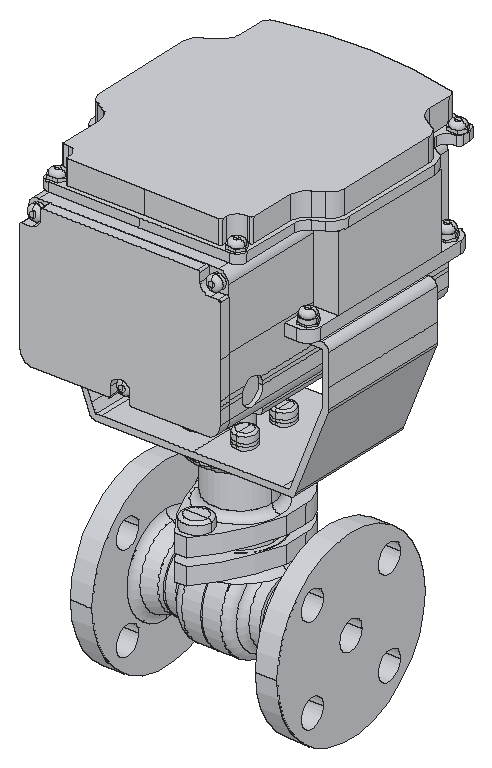
Revit family "電動二方弁_ver2019(ロゴなし)", category 電気設備, Revit 2019 (continued)
Automatic sketch dimensions
  Extrusion 41 sketch curve to Extrusion 41 sketch curve = 3.7 mm
  Extrusion 41 sketch curve to Extrusion 41 sketch curve = 7 mm
  plane 1 "中心(正面/背面)" to Extrusion 41 sketch curve = 36.395 mm
  Extrusion 41 sketch curve to plane 1 "中心(正面/背面)" = 60.605 mm
  Extrusion 41 sketch curve to Extrusion 41 sketch curve = 0.7 mm
  Extrusion 41 sketch curve to Extrusion 41 sketch curve = 7.785 mm
  Extrusion 41 sketch curve to Extrusion 41 sketch curve = 2.098 mm
  Extrusion 41 sketch curve to Extrusion 41 sketch curve = 0 mm
  Extrusion 41 sketch curve to Extrusion 41 sketch curve = 1.226 mm
  Extrusion 42 sketch curve to plane 3 "中心(左/右)" = 51.5 mm
  Extrusion 42 sketch curve to Extrusion 42 sketch curve = 5.8 mm
  Extrusion 42 sketch curve to Extrusion 42 sketch curve = 6 mm
  Extrusion 42 sketch curve to Extrusion 42 sketch curve = 6.5 mm
  Extrusion 42 sketch curve to Extrusion 42 sketch curve = 0.5 mm
  Extrusion 42 sketch curve to Extrusion 42 sketch curve = 3.7 mm
  Extrusion 42 sketch curve to Extrusion 42 sketch curve = 7 mm
  Extrusion 42 sketch curve to plane 1 "中心(正面/背面)" = 69.302 mm
  Extrusion 42 sketch curve to Extrusion 42 sketch curve = 0.212 mm
  Extrusion 42 sketch curve to Extrusion 42 sketch curve = 7.997 mm
  Extrusion 42 sketch curve to Extrusion 42 sketch curve = 0.7 mm
  plane 1 "中心(正面/背面)" to Extrusion 42 sketch curve = 29.395 mm
  Extrusion 42 sketch curve to Extrusion 42 sketch curve = 0 mm
  Extrusion 42 sketch curve to Extrusion 42 sketch curve = 1.226 mm
  Extrusion 43 sketch curve to plane 3 "中心(左/右)" = 64.592 mm
  Extrusion 43 sketch curve to Extrusion 43 sketch curve = 3.729 mm
  Extrusion 43 sketch curve to Extrusion 43 sketch curve = 1.085 mm  (x2)
  Extrusion 43 sketch curve to Extrusion 43 sketch curve = 2.797 mm  (x4)
  Extrusion 43 sketch curve to Extrusion 43 sketch curve = 7.85 mm
  Extrusion 43 sketch curve to Extrusion 43 sketch curve = 2.643 mm
  Extrusion 43 sketch curve to level = 130.361 mm
  Extrusion 43 sketch curve to Extrusion 43 sketch curve = 1.447 mm
  Extrusion 44 sketch curve to plane 3 "中心(左/右)" = 28.5 mm
  plane 3 "中心(左/右)" to Extrusion 44 sketch curve = 28.5 mm
  level to Extrusion 44 sketch curve = 161 mm
  Extrusion 44 sketch curve to Extrusion 44 sketch curve = 0.788 mm
  Revolve 45 sketch curve to plane 3 "中心(左/右)" = 60.5 mm
  Revolve 45 sketch curve to Revolve 45 sketch curve = 2.25 mm
  level to Revolve 45 sketch curve = 197.236 mm
  Revolve 45 sketch curve to Revolve 45 sketch curve = 2.264 mm
  Revolve 45 sketch curve to Revolve 45 sketch curve = 0 mm
  Revolve 45 sketch curve to Revolve 45 sketch curve = 0.936 mm
  Revolve 45 sketch curve to Revolve 45 sketch curve = 1.8 mm
  Revolve 46 sketch curve to plane 3 "中心(左/右)" = 60.5 mm
  Revolve 46 sketch curve to Revolve 46 sketch curve = 2.25 mm
  level to Revolve 46 sketch curve = 197.236 mm
  Revolve 46 sketch curve to Revolve 46 sketch curve = 2.264 mm
  Revolve 46 sketch curve to Revolve 46 sketch curve = 0 mm
  Revolve 46 sketch curve to Revolve 46 sketch curve = 0.936 mm
  Revolve 46 sketch curve to Revolve 46 sketch curve = 1.8 mm
  plane 3 "中心(左/右)" to Revolve 47 sketch curve = 56.375 mm
  Revolve 47 sketch curve to Revolve 47 sketch curve = 2.25 mm
  level to Revolve 47 sketch curve = 197.236 mm
  Revolve 47 sketch curve to Revolve 47 sketch curve = 2.264 mm
  Revolve 47 sketch curve to Revolve 47 sketch curve = 0 mm
  Revolve 47 sketch curve to Revolve 47 sketch curve = 0.936 mm
  Revolve 47 sketch curve to Revolve 47 sketch curve = 1.8 mm
  plane 3 "中心(左/右)" to Revolve 48 sketch curve = 56.375 mm
  Revolve 48 sketch curve to Revolve 48 sketch curve = 2.25 mm
  level to Revolve 48 sketch curve = 197.236 mm
  Revolve 48 sketch curve to Revolve 48 sketch curve = 2.264 mm
  Revolve 48 sketch curve to Revolve 48 sketch curve = 0 mm
  Revolve 48 sketch curve to Revolve 48 sketch curve = 0.936 mm
  Revolve 48 sketch curve to Revolve 48 sketch curve = 1.8 mm
  Extrusion 49 sketch curve to plane 1 "中心(正面/背面)" = 25.952 mm
  Extrusion 49 sketch curve to plane 3 "中心(左/右)" = 74.125 mm
  Extrusion 49 sketch curve to plane 1 "中心(正面/背面)" = 13.532 mm  (x2)
  Extrusion 49 sketch curve to plane 3 "中心(左/右)" = 23 mm
  Extrusion 49 sketch curve to plane 3 "中心(左/右)" = 6.954 mm
  Extrusion 49 sketch curve to plane 3 "中心(左/右)" = 3.046 mm
  Extrusion 49 sketch curve to plane 3 "中心(左/右)" = 1.923 mm
  plane 3 "中心(左/右)" to Extrusion 49 sketch curve = 1.923 mm
  plane 3 "中心(左/右)" to Extrusion 49 sketch curve = 3.046 mm
  plane 3 "中心(左/右)" to Extrusion 49 sketch curve = 6.954 mm
  Extrusion 49 sketch curve to Extrusion 49 sketch curve = 51.125 mm
  Extrusion 49 sketch curve to plane 1 "中心(正面/背面)" = 1.214 mm  (x2)
  Revolve 50 sketch curve to plane 3 "中心(左/右)" = 0 mm  (x2)
  Revolve 50 sketch curve to plane 3 "中心(左/右)" = 23 mm
  Revolve 50 sketch curve to Revolve 50 sketch curve = 2 mm  (x2)
  level to Revolve 50 sketch curve = 115.3 mm
  Revolve 50 sketch curve to Revolve 50 sketch curve = 5.2 mm
  Revolve 50 sketch curve to Revolve 50 sketch curve = 0.2 mm
  Extrusion 51 sketch curve to plane 1 "中心(正面/背面)" = 25.952 mm
  Extrusion 51 sketch curve to plane 3 "中心(左/右)" = 74.125 mm
  Extrusion 51 sketch curve to plane 1 "中心(正面/背面)" = 13.532 mm  (x2)
  Extrusion 51 sketch curve to plane 3 "中心(左/右)" = 23 mm
  Extrusion 51 sketch curve to plane 3 "中心(左/右)" = 6.954 mm
  Extrusion 51 sketch curve to plane 3 "中心(左/右)" = 3.046 mm
  Extrusion 51 sketch curve to plane 3 "中心(左/右)" = 1.923 mm
  plane 3 "中心(左/右)" to Extrusion 51 sketch curve = 1.923 mm
  plane 3 "中心(左/右)" to Extrusion 51 sketch curve = 3.046 mm
  plane 3 "中心(左/右)" to Extrusion 51 sketch curve = 6.954 mm
  Extrusion 51 sketch curve to Extrusion 51 sketch curve = 51.125 mm
  Extrusion 51 sketch curve to plane 1 "中心(正面/背面)" = 1.214 mm  (x2)
  Revolve 52 sketch curve to plane 3 "中心(左/右)" = 0 mm  (x2)
  Revolve 52 sketch curve to plane 3 "中心(左/右)" = 17.5 mm
  level to Revolve 52 sketch curve = 77 mm
  Revolve 52 sketch curve to Revolve 52 sketch curve = 4.3 mm
  Revolve 52 sketch curve to Revolve 52 sketch curve = 0 mm  (x2)
  Extrusion 53 sketch curve to plane 1 "中心(正面/背面)" = 24.749 mm
  level to Extrusion 53 sketch curve = 72.249 mm
  Extrusion 54 sketch curve to plane 1 "中心(正面/背面)" = 24.749 mm
  level to Extrusion 54 sketch curve = 22.751 mm
  plane 1 "中心(正面/背面)" to Extrusion 55 sketch curve = 24.749 mm
  level to Extrusion 55 sketch curve = 22.751 mm
  plane 1 "中心(正面/背面)" to Extrusion 56 sketch curve = 24.749 mm
  level to Extrusion 56 sketch curve = 22.751 mm
  Extrusion 57 sketch curve to plane 1 "中心(正面/背面)" = 0 mm
  level to Extrusion 57 sketch curve = 47.5 mm
  plane 1 "中心(正面/背面)" to Revolve 58 sketch curve = 75.7 mm
  Revolve 58 sketch curve to Revolve 58 sketch curve = 2 mm
  Revolve 58 sketch curve to Revolve 58 sketch curve = 0.6 mm
  level to Revolve 58 sketch curve = 238.5 mm
  Revolve 58 sketch curve to Revolve 58 sketch curve = 1.75 mm
  Revolve 58 sketch curve to Revolve 58 sketch curve = 0 mm  (x3)
  plane 1 "中心(正面/背面)" to Revolve 59 sketch curve = 73.1 mm
  Revolve 59 sketch curve to Revolve 59 sketch curve = 1.6 mm
  level to Revolve 59 sketch curve = 238.5 mm
  Revolve 59 sketch curve to Revolve 59 sketch curve = 3.75 mm
  Revolve 59 sketch curve to Revolve 59 sketch curve = 0 mm  (x3)
  plane 1 "中心(正面/背面)" to Revolve 60 sketch curve = 75.7 mm
  Revolve 60 sketch curve to Revolve 60 sketch curve = 2 mm
  Revolve 60 sketch curve to Revolve 60 sketch curve = 0.6 mm
  level to Revolve 60 sketch curve = 238.5 mm
  Revolve 60 sketch curve to Revolve 60 sketch curve = 1.75 mm
  Revolve 60 sketch curve to Revolve 60 sketch curve = 0 mm  (x3)
  plane 1 "中心(正面/背面)" to Revolve 61 sketch curve = 73.1 mm
  Revolve 61 sketch curve to Revolve 61 sketch curve = 1.6 mm
  level to Revolve 61 sketch curve = 238.5 mm
  Revolve 61 sketch curve to Revolve 61 sketch curve = 3.75 mm
  Revolve 61 sketch curve to Revolve 61 sketch curve = 0 mm  (x3)
  plane 1 "中心(正面/背面)" to Revolve 62 sketch curve = 75.7 mm
  Revolve 62 sketch curve to Revolve 62 sketch curve = 2 mm
  Revolve 62 sketch curve to Revolve 62 sketch curve = 0.6 mm
  level to Revolve 62 sketch curve = 174.5 mm
  Revolve 62 sketch curve to Revolve 62 sketch curve = 1.75 mm
  Revolve 62 sketch curve to Revolve 62 sketch curve = 0 mm  (x3)
  plane 1 "中心(正面/背面)" to Revolve 63 sketch curve = 73.1 mm
  Revolve 63 sketch curve to Revolve 63 sketch curve = 1.6 mm
  level to Revolve 63 sketch curve = 174.5 mm
  Revolve 63 sketch curve to Revolve 63 sketch curve = 3.75 mm
  Revolve 63 sketch curve to Revolve 63 sketch curve = 0 mm  (x3)
  Extrusion 64 sketch curve to plane 3 "中心(左/右)" = 65 mm
  Extrusion 64 sketch curve to Extrusion 64 sketch curve = 13.382 mm
  Extrusion 64 sketch curve to Extrusion 64 sketch curve = 5.3 mm  (x2)
  level to Extrusion 64 sketch curve = 205.5 mm
  Extrusion 64 sketch curve to Extrusion 64 sketch curve = 33.2 mm
  Extrusion 64 sketch curve to Extrusion 64 sketch curve = 0 mm
  Extrusion 65 sketch curve to plane 3 "中心(左/右)" = 65 mm
  Extrusion 65 sketch curve to Extrusion 65 sketch curve = 13.382 mm
  Extrusion 65 sketch curve to Extrusion 65 sketch curve = 5.3 mm  (x2)
  Extrusion 65 sketch curve to level = 205.5 mm
  Extrusion 65 sketch curve to Extrusion 65 sketch curve = 33.2 mm
  Extrusion 65 sketch curve to Extrusion 65 sketch curve = 0 mm
  Revolve 66 sketch curve to plane 3 "中心(左/右)" = 61.28 mm
  Revolve 66 sketch curve to Revolve 66 sketch curve = 1.501 mm
  Revolve 66 sketch curve to Revolve 66 sketch curve = 1.75 mm
  level to Revolve 66 sketch curve = 208.5 mm
  Revolve 66 sketch curve to Revolve 66 sketch curve = 1.322 mm
  Revolve 66 sketch curve to Revolve 66 sketch curve = 0 mm  (x2)
  Revolve 66 sketch curve to Revolve 66 sketch curve = 0.722 mm
  Extrusion 67 sketch curve to plane 3 "中心(左/右)" = 58 mm
  Extrusion 67 sketch curve to plane 1 "中心(正面/背面)" = 59.98 mm
  Extrusion 68 sketch curve to plane 3 "中心(左/右)" = 62.907 mm
  Extrusion 68 sketch curve to Extrusion 68 sketch curve = 2.454 mm  (x5)
  Extrusion 68 sketch curve to Extrusion 68 sketch curve = 4.907 mm
  Extrusion 68 sketch curve to plane 1 "中心(正面/背面)" = 55.73 mm
  Extrusion 68 sketch curve to Extrusion 68 sketch curve = 4.25 mm  (x3)
  Revolve 69 sketch curve to plane 3 "中心(左/右)" = 61.28 mm
  Revolve 69 sketch curve to Revolve 69 sketch curve = 1.501 mm
  Revolve 69 sketch curve to Revolve 69 sketch curve = 1.75 mm
  level to Revolve 69 sketch curve = 208.5 mm
  Revolve 69 sketch curve to Revolve 69 sketch curve = 1.322 mm
  Revolve 69 sketch curve to Revolve 69 sketch curve = 0 mm  (x2)
  Revolve 69 sketch curve to Revolve 69 sketch curve = 0.722 mm
  plane 3 "中心(左/右)" to Extrusion 70 sketch curve = 58.5 mm
  plane 1 "中心(正面/背面)" to Extrusion 70 sketch curve = 29.395 mm
  plane 3 "中心(左/右)" to Extrusion 71 sketch curve = 53.593 mm
  plane 1 "中心(正面/背面)" to Extrusion 71 sketch curve = 25.145 mm
  Extrusion 71 sketch curve to Extrusion 71 sketch curve = 2.454 mm  (x5)
  Extrusion 71 sketch curve to Extrusion 71 sketch curve = 4.907 mm
  plane 1 "中心(正面/背面)" to Extrusion 71 sketch curve = 29.395 mm
  Extrusion 71 sketch curve to Extrusion 71 sketch curve = 4.25 mm  (x2)
  plane 3 "中心(左/右)" to Revolve 72 sketch curve = 55.22 mm
  Revolve 72 sketch curve to Revolve 72 sketch curve = 1.501 mm
  Revolve 72 sketch curve to Revolve 72 sketch curve = 1.75 mm
  level to Revolve 72 sketch curve = 208.5 mm
  Revolve 72 sketch curve to Revolve 72 sketch curve = 1.322 mm
  Revolve 72 sketch curve to Revolve 72 sketch curve = 0 mm  (x2)
  Revolve 72 sketch curve to Revolve 72 sketch curve = 0.722 mm
  plane 3 "中心(左/右)" to Extrusion 73 sketch curve = 58.5 mm
  Extrusion 73 sketch curve to plane 1 "中心(正面/背面)" = 59.98 mm
  plane 3 "中心(左/右)" to Extrusion 74 sketch curve = 53.593 mm
  Extrusion 74 sketch curve to Extrusion 74 sketch curve = 2.454 mm  (x5)
  Extrusion 74 sketch curve to Extrusion 74 sketch curve = 4.907 mm
  Extrusion 74 sketch curve to plane 1 "中心(正面/背面)" = 55.73 mm
  Extrusion 74 sketch curve to Extrusion 74 sketch curve = 4.25 mm  (x3)
  plane 3 "中心(左/右)" to Revolve 75 sketch curve = 55.22 mm
  Revolve 75 sketch curve to Revolve 75 sketch curve = 1.501 mm
  Revolve 75 sketch curve to Revolve 75 sketch curve = 1.75 mm
  level to Revolve 75 sketch curve = 208.5 mm
  Revolve 75 sketch curve to Revolve 75 sketch curve = 1.322 mm
  Revolve 75 sketch curve to Revolve 75 sketch curve = 0 mm  (x2)
  Revolve 75 sketch curve to Revolve 75 sketch curve = 0.722 mm
  plane 3 "中心(左/右)" to Revolve 76 sketch curve = 50.936 mm
  Revolve 76 sketch curve to Revolve 76 sketch curve = 1.908 mm
  Revolve 76 sketch curve to Revolve 76 sketch curve = 1.75 mm
  level to Revolve 76 sketch curve = 250.1 mm
  Revolve 76 sketch curve to Revolve 76 sketch curve = 0.6 mm
  Revolve 76 sketch curve to Revolve 76 sketch curve = 0 mm  (x3)
  Revolve 77 sketch curve to plane 3 "中心(左/右)" = 57.314 mm
  Revolve 77 sketch curve to Revolve 77 sketch curve = 1.908 mm
  Revolve 77 sketch curve to Revolve 77 sketch curve = 1.75 mm
  level to Revolve 77 sketch curve = 250.1 mm
  Revolve 77 sketch curve to Revolve 77 sketch curve = 0.6 mm
  Revolve 77 sketch curve to Revolve 77 sketch curve = 0 mm  (x3)
  plane 3 "中心(左/右)" to Extrusion 78 sketch curve = 49.531 mm
  Extrusion 78 sketch curve to Extrusion 78 sketch curve = 2.133 mm  (x2)
  Extrusion 78 sketch curve to Extrusion 78 sketch curve = 2.177 mm
  Extrusion 78 sketch curve to Extrusion 78 sketch curve = 2.731 mm  (x2)
  Extrusion 78 sketch curve to Extrusion 78 sketch curve = 5.55 mm
  Extrusion 78 sketch curve to plane 1 "中心(正面/背面)" = 68.153 mm
  Extrusion 78 sketch curve to Extrusion 78 sketch curve = 3.694 mm  (x2)
  Extrusion 78 sketch curve to Extrusion 78 sketch curve = 3.771 mm
  Extrusion 79 sketch curve to plane 3 "中心(左/右)" = 58.719 mm
  Extrusion 79 sketch curve to Extrusion 79 sketch curve = 2.133 mm  (x2)
  Extrusion 79 sketch curve to Extrusion 79 sketch curve = 2.177 mm
  Extrusion 79 sketch curve to Extrusion 79 sketch curve = 2.731 mm  (x2)
  Extrusion 79 sketch curve to Extrusion 79 sketch curve = 5.55 mm
  Extrusion 79 sketch curve to plane 1 "中心(正面/背面)" = 68.153 mm
  Extrusion 79 sketch curve to Extrusion 79 sketch curve = 3.694 mm  (x2)
  Extrusion 79 sketch curve to Extrusion 79 sketch curve = 3.771 mm
  Extrusion 1 sketch curve to plane 1 "中心(正面/背面)" = 0 mm
  level to Extrusion 1 sketch curve = 47.437 mm
  Extrusion 7 sketch curve to plane 1 "中心(正面/背面)" = 0 mm
  level to Extrusion 7 sketch curve = 47.437 mm
  plane 1 "中心(正面/背面)" to Extrusion 80 sketch curve = 56.39 mm
  level to Extrusion 80 sketch curve = 182.782 mm
  plane 1 "中心(正面/背面)" to Extrusion 81 sketch curve = 56.39 mm
  level to Extrusion 81 sketch curve = 182.782 mm
  radius of Extrusion 2 sketch curve = 7.5 mm
  radius of Extrusion 3 sketch curve = 7.5 mm
  radius of Extrusion 4 sketch curve = 7.5 mm
  radius of Extrusion 5 sketch curve = 7.5 mm
  radius of Extrusion 6 sketch curve = 7.5 mm
  radius of Extrusion 8 sketch curve = 7.5 mm
  radius of Extrusion 12 sketch curve = 4.25 mm
  radius of Extrusion 53 sketch curve = 7.5 mm
  radius of Extrusion 54 sketch curve = 7.5 mm
  radius of Extrusion 55 sketch curve = 7.5 mm
  radius of Extrusion 56 sketch curve = 7.5 mm
  radius of Extrusion 57 sketch curve = 7.5 mm
  radius of Extrusion 67 sketch curve = 4.25 mm
  radius of Extrusion 70 sketch curve = 4.25 mm
  radius of Extrusion 73 sketch curve = 4.25 mm
Connectors
  cabletrayconduit at (-48.8, -56.39, 182.782), diameter 14.031, driven by "配線φ(左側)"
    settings: on cut or joined group of Extrusion 22, Extrusion 80, Extrusion 81, index 3, connector width 300 mm, connector height 300 mm, connector angle 0.00°, system type 32, placement type 0, profile type 0, connector reference index -1, is primary connector yes, connector utility param no, connector description ""
  cabletrayconduit at (-48.8, -56.39, 182.782), diameter 14.031, driven by "配線φ(左側)"
    settings: on cut or joined group of Extrusion 22, Extrusion 80, Extrusion 81, index 4, connector width 300 mm, connector height 300 mm, connector angle 0.00°, system type 32, placement type 0, profile type 0, connector reference index -1, is primary connector no, connector utility param no, connector description ""
  cabletrayconduit at (48.8, -56.39, 182.782), diameter 14.031, driven by "配線φ(右側)"
    settings: on cut or joined group of Extrusion 22, Extrusion 80, Extrusion 81, index 5, connector width 300 mm, connector height 300 mm, connector angle 0.00°, system type 32, placement type 0, profile type 0, connector reference index -1, is primary connector no, connector utility param no, connector description ""
